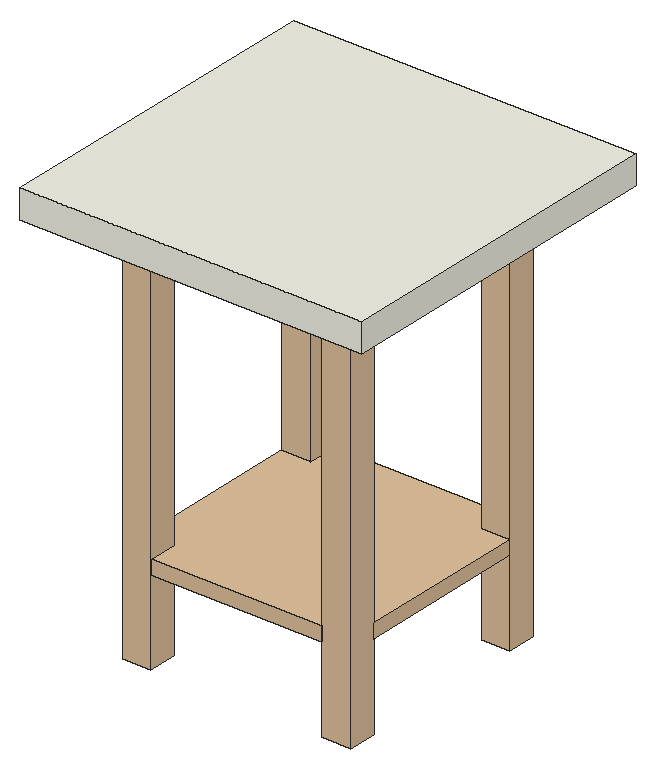
Revit family "Table_Side", category Furniture, Revit 2021
Family settings
  OmniClass Number = 23.40.20.14.17
  OmniClass Title = Residential Tables and Cabinets
  Work Plane-Based = No
  Always vertical = Yes
  Cut with Voids When Loaded = No
  Shared = Yes
  Room Calculation Point = No
Parameters (values of type "24" x 24" x 30"")
  Default Elevation = 0' - 0"
  Assembly Code = "E2020200"
  Base Material = Birch
  Depth = 2' - 0"
  Height = 2' - 6"
  Top Material = Laminate, Ivory, Matte
  Width = 2' - 0"
Reference planes (in)
  plane 1: y = 0
  plane 2: z = 0
  plane 3: x = 0.14699
  plane 4: x = 24.14699
  plane 5: y = 24
  plane 6: y = 12
  plane 7: x = 12.14699
  plane 8: z = 30
  plane 9: z = 28
Forms (in)
  Extrusion 1, solid, material "Laminate, Ivory, Matte" <- "Top Material"
    sketch origin (0, 0, 0) x (1, 0, 0) y (0, 1, 0)
      loop
        line (0.14699, 0) -> (24.14699, 0) -> (24.14699, 24) -> (0.14699, 24) -> (0.14699, 0)
    from 28 to 30
  Extrusion 2, solid, material "Birch" <- "Base Material"
    sketch origin (0, 0, 0) x (1, 0, 0) y (0, 1, 0)
      loop
        line (4.14699, 20) -> (4.14699, 18) -> (6.14699, 18) -> (6.14699, 20) -> (4.14699, 20)
      loop
        line (4.14699, 6) -> (4.14699, 4) -> (6.14699, 4) -> (6.14699, 6) -> (4.14699, 6)
      loop
        line (18.14699, 20) -> (18.14699, 18) -> (20.14699, 18) -> (20.14699, 20) -> (18.14699, 20)
      loop
        line (18.14699, 6) -> (18.14699, 4) -> (20.14699, 4) -> (20.14699, 6) -> (18.14699, 6)
    from 0 to 28
  Extrusion 3, solid, material "Birch" <- "Base Material"
    sketch origin (0, 0, 0) x (1, 0, 0) y (0, 1, 0)
      loop
        line (18.14699, 20) -> (6.14699, 20) -> (6.14699, 18) -> (4.14699, 18) -> (4.14699, 6) -> (6.14699, 6) -> (6.14699, 4) -> (18.14699, 4) -> (18.14699, 6) -> (20.14699, 6) -> (20.14699, 18) -> (18.14699, 18) -> (18.14699, 20)
    from 6 to 7
Lines and regions (in)
  Masking region 1
    outline origin (0, 0, 0) x (1, 0, 0) y (0, 1, 0)
      loop
        line (0.14699, 24) -> (0.14699, 0) -> (24.14699, 0) -> (24.14699, 24) -> (0.14699, 24)
Dimensions and locks (in)
  locked: Extrusion 1 to Extrusion 1 at 2
  locked: Extrusion 1 to Extrusion 2 sketch curve at 4  (x4)
  locked: Extrusion 2 sketch curve to Extrusion 1 at 4  (x4)
  locked: Extrusion 2 sketch curve to Extrusion 2 sketch curve at 2  (x8)
  "Width": plane 3 to plane 4
  "Depth": plane 5 to plane 1
  equal spacing: plane 3, plane 7, plane 4
  equal spacing: plane 5, plane 6, plane 1
  "Height": plane 8 to plane 2
  locked: plane 8 to plane 9 at 2
  aligned and locked: plane 1 to Extrusion 1 sketch curve
  aligned and locked: level to plane 2
  aligned and locked: Extrusion 3 sketch curve to Extrusion 2  (x3)
  aligned and locked: Extrusion 2 to Extrusion 3 sketch curve  (x2)
  aligned and locked: plane 8 to Extrusion 1
  aligned and locked: plane 9 to Extrusion 2
  aligned and locked: plane 4 to Masking region 1 sketch curve
  aligned and locked: Masking region 1 sketch curve to plane 5
  aligned and locked: plane 3 to Masking region 1 sketch curve
  aligned and locked: Masking region 1 sketch curve to plane 1
Automatic sketch dimensions
  Extrusion 1 sketch curve to plane 3 = 0' - 0"
  plane 3 to Extrusion 3 sketch curve = 0' - 4"
  Extrusion 3 sketch curve to Extrusion 3 sketch curve = 0' - 2"  (x4)
  Extrusion 3 sketch curve to plane 1 = 0' - 4"
  plane 4 to Extrusion 3 sketch curve = 0' - 6"
  Extrusion 1 sketch curve to plane 4 = 0' - 0"
  Extrusion 1 sketch curve to plane 5 = 0' - 0"
